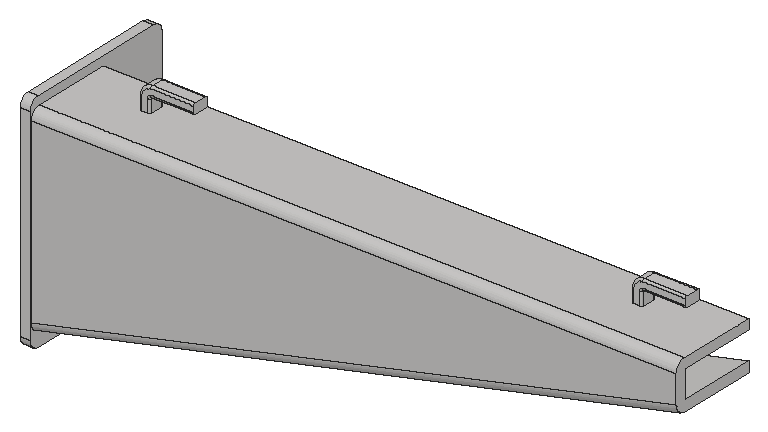
Revit family "E_Cable Tray Support_MEPcontent_OBO Bettermann_Bracket AWG FT", category Cable Tray Fittings, Revit 2015
Parameters (values of type "AWG 15 16 FT")
  Wholesaler Art. No. = ""
  Wholesaler = ""
  Watermarked By = "www.stabiplan.com"
  Width 1 = 160.00 mm
  Width = Width 1  # 160 mm
  URL = "www.stabiplan.com"
  built-in parameter 1140111 [instance] = 2.50 mm  # 0.0082021 (stored number, unit not read)
  Stabu Code = ""
  Revit Version = "2015"  # constant formula
  MEPcontent Class = "CABLE_TRAY_SUPPORT"  # constant formula
  Internal Art. No. = ""
  IFCExportType = "NOTDEFINED"  # constant formula
  IFCExportAs = "IfcCableCarrierFittingType"  # constant formula
  Function Code [instance] = ""
  Front Height = Height / 4  # 13.75 mm
  Family Version = "10.14"  # constant formula
  ETIM Article Class = "EC000022"  # constant formula
  EMCS Version = "2.0"  # constant formula
  Copyright = "© Stabiplan International BV"  # constant formula
  Content Supplier URL = ""
  CB-NL Class = ""
  Article Type = if(and(Width = 160.00 mm, Height = 55.00 mm), "AWG 15 16 FT", if(and(Width = 210.00 mm, Height = 60.00 mm), "AWG 15 21 FT", "Unknown"))  # "AWG 15 16 FT"
  Product Line = "OBO BETTERMANN CableTrays"  # constant formula
  Model = if(and(Width = 160.00 mm, Height = 55.00 mm), "AWG 15 16 FT", if(and(Width = 210.00 mm, Height = 60.00 mm), "AWG 15 21 FT", "Unknown"))  # "AWG 15 16 FT"
  Manufacturer = "OBO BETTERMANN"  # constant formula
  Custom [instance] = if(and(Width = 160.00 mm, Height = 55.00 mm), 1 = 0, if(and(Width = 210.00 mm, Height = 60.00 mm), 1 = 0, 1 = 1))  # no
  Height 1 = 55.00 mm
  Height = Height 1  # 55 mm
  GTIN = if(and(Width = 160.00 mm, Height = 55.00 mm), "4012196079155", if(and(Width = 210.00 mm, Height = 60.00 mm), "4012196662531", "Unknown"))  # "4012196079155"
  Description = "Wall Bracket"
  Depth = 40.00 mm
  Manufacturer URL = "http://catalog4.obo-bettermann.com/catalogue/catalogue.do?forward=showProductGroup&act=showIO&favOid=kts_18364&action=showManyProducts&lang=nl&OID=kts_18364&catId="
  Gray = Color RGB 189-187-185
  Manufacturer Art. No. = if(and(Width = 160.00 mm, Height = 55.00 mm), "6420607", if(and(Width = 210.00 mm, Height = 60.00 mm), "6420608", "Unknown"))  # "6420607"
  Article Description = "Wall Bracket"
Types (2, lengths in mm): name | Width 1 | Width | Front Height | Article Type | Model | Height 1 | Height | GTIN | Manufacturer Art. No.
  AWG 15 16 FT | 160.00 | 160 | 13.75 | "AWG 15 16 FT" | "AWG 15 16 FT" | 55.00 | 55 | "4012196079155" | "6420607"
  AWG 15 21 FT | 210.00 | 210 | 15.00 | "AWG 15 21 FT" | "AWG 15 21 FT" | 60.00 | 60 | "4012196662531" | "6420608"
Reference planes
  plane 1 "Center (Front/Back)": y = 0
  plane 2: z = 0
  plane 3 "Center (Left/Right)": x = 0
  plane 4: y = 20
  plane 5: y = -20
  plane 6: x = 160
  plane 7: x = 2.5
  plane 8: z = 27.5
  plane 9: z = -27.5
  plane 10: z = -23.5
  plane 11: z = 13.75
  plane 12: y = -5
  plane 13: z = 25.5
Forms (mm)
  Extrusion 1, solid, material "Color RGB 189-187-185" <- "Gray", detail levels medium+fine
    sketch origin (0, 0, 0) x (0, 1, 0) y (0, 0, 1)
      loop
        line (17.5, 27.5) -> (-17.5, 27.5)
        arc (-17.5, 27.5) -> (-19.268, 26.768) -> (-20, 25) r 2.5
        line (-20, 25) -> (-20, -25)
        arc (-20, -25) -> (-19.268, -26.768) -> (-17.5, -27.5) r 2.5
        line (-17.5, -27.5) -> (17.5, -27.5)
        arc (17.5, -27.5) -> (19.268, -26.768) -> (20, -25) r 2.5
        line (20, -25) -> (20, 25)
        arc (20, 25) -> (19.268, 26.768) -> (17.5, 27.5) r 2.5
    from 0 to 2.5
  SweptBlend 2, solid, material "Color RGB 189-187-185" <- "Gray", detail levels medium+fine
    path origin (0, 0, 0) x (1, 0, 0) y (0, 0, 1)
      loop
        line (2.5, 0) -> (160, 0)
    profile origin (2.5, 0, 0) x (0, 0, 1) y (0, -1, 0)
      loop
        line (-23.5, -2) -> (-21, -2) -> (-21, 17.5) -> (23, 17.5) -> (23, -2) -> (25.5, -2) -> (25.5, 17.5)
        arc (25.5, 17.5) -> (24.768, 19.268) -> (23, 20) r 2.5
        line (23, 20) -> (-21, 20)
        arc (-21, 20) -> (-22.768, 19.268) -> (-23.5, 17.5) r 2.5
        line (-23.5, 17.5) -> (-23.5, -2)
    end profile origin (160, 0, 0) x (0, 0, 1) y (0, -1, 0)
      loop
        line (13.75, -2) -> (16.25, -2) -> (16.25, 17.5) -> (23, 17.5) -> (23, -2) -> (25.5, -2) -> (25.5, 17.5)
        arc (25.5, 17.5) -> (24.768, 19.268) -> (23, 20) r 2.5
        line (23, 20) -> (16.25, 20)
        arc (16.25, 20) -> (14.482, 19.268) -> (13.75, 17.5) r 2.5
        line (13.75, 17.5) -> (13.75, -2)
  Sweep 3, solid, material "Color RGB 189-187-185" <- "Gray", detail levels medium+fine
    path origin (20, -5, 148.963) x (0, 0, 1) y (-1, 0, 0)
      loop
        line (-118.741, -12) -> (-118.741, -1.5)
        arc (-118.741, -1.5) -> (-119.181, -0.439) -> (-120.241, 0) r 1.5
        line (-120.241, 0) -> (-125.241, 0)
    profile origin (26.75, -5, 30.222) x (0, 0, -1) y (0, -1, 0)
      loop
        arc (-1.25, -1.5) -> (-1.104, -1.854) -> (-0.75, -2) r 0.5
        line (-0.75, -2) -> (0.75, -2)
        arc (0.75, -2) -> (1.104, -1.854) -> (1.25, -1.5) r 0.5
        line (1.25, -1.5) -> (1.25, 1.5)
        arc (1.25, 1.5) -> (1.104, 1.854) -> (0.75, 2) r 0.5
        line (0.75, 2) -> (-0.75, 2)
        arc (-0.75, 2) -> (-1.104, 1.854) -> (-1.25, 1.5) r 0.5
        line (-1.25, 1.5) -> (-1.25, -1.5)
  Sweep 4, solid, material "Color RGB 189-187-185" <- "Gray", detail levels medium+fine
    path origin (82.367, -5, 148.963) x (0, 0, 1) y (-1, 0, 0)
      loop
        line (-118.741, -69.633) -> (-118.741, -59.133)
        arc (-118.741, -59.133) -> (-119.181, -58.072) -> (-120.241, -57.633) r 1.5
        line (-120.241, -57.633) -> (-125.241, -57.633)
    profile origin (146.75, -5, 30.222) x (0, 0, -1) y (0, -1, 0)
      loop
        arc (-1.25, -1.5) -> (-1.104, -1.854) -> (-0.75, -2) r 0.5
        line (-0.75, -2) -> (0.75, -2)
        arc (0.75, -2) -> (1.104, -1.854) -> (1.25, -1.5) r 0.5
        line (1.25, -1.5) -> (1.25, 1.5)
        arc (1.25, 1.5) -> (1.104, 1.854) -> (0.75, 2) r 0.5
        line (0.75, 2) -> (-0.75, 2)
        arc (-0.75, 2) -> (-1.104, 1.854) -> (-1.25, 1.5) r 0.5
        line (-1.25, 1.5) -> (-1.25, -1.5)
Cuts and joins
  joined: SweptBlend 2, Sweep 3, Sweep 4
Lines and regions (mm)
  model lines, style "Fittings", detail levels coarse
    curve 1: line (0, 0, 25.5) -> (160, 0, 25.5)
    curve 2: line (0, 0, -27.5) -> (0, 0, 25.5)
Dimensions and locks
  equal spacing: plane 4, plane 1 "Center (Front/Back)", plane 5
  "Depth": plane 4 to plane 5
  "Width": plane 6 to plane 3 "Center (Left/Right)"
  locked: plane 7 to plane 3 "Center (Left/Right)" at 2.5
  "Height": plane 8 to plane 9
  equal spacing: plane 8, level, plane 9
  locked: plane 10 to plane 9 at 4
  locked: SweptBlend 2 sketch curve to plane 5 at 2.5  (x2)
  locked: SweptBlend 2 sketch curve to plane 10 at 2.5
  "Front Height": plane 8 to plane 11
  locked: SweptBlend 2 sketch curve to plane 11 at 2.5
  locked: plane 12 to plane 4 at 25
  locked: Sweep 3 sketch curve to Sweep 3 sketch curve at 12
  locked: Sweep 3 sketch curve to Sweep 3 sketch curve at 4
  locked: Sweep 3 sketch curve to Sweep 3 sketch curve at 2.5
  equal spacing: Sweep 3 sketch curve, profile plane, Sweep 3 sketch curve
  Sweep 3 sketch curve to Sweep 3 sketch curve = 4.00 mm
  Sweep 3 sketch curve to Sweep 3 sketch curve = 6.50 mm
  locked: Sweep 3 sketch curve to plane 3 "Center (Left/Right)" at 20
  locked: Sweep 4 sketch curve to Sweep 4 sketch curve at 12
  locked: Sweep 4 sketch curve to Sweep 4 sketch curve at 4
  locked: Sweep 4 sketch curve to Sweep 4 sketch curve at 2.5
  equal spacing: Sweep 4 sketch curve, profile plane, Sweep 4 sketch curve
  Sweep 4 sketch curve to Sweep 4 sketch curve = 4.00 mm
  Sweep 4 sketch curve to Sweep 4 sketch curve = 6.50 mm
  locked: plane 6 to Sweep 4 sketch curve at 20
  locked: SweptBlend 2 sketch curve to SweptBlend 2 sketch curve at 2.5  (x2)
  locked: plane 8 to SweptBlend 2 sketch curve at 2  (x2)
  plane 4 to SweptBlend 2 sketch curve to SweptBlend 2 sketch curve = 18.00 mm locked, 0.00 mm locked
  locked: plane 4 to SweptBlend 2 sketch curve at 18  (x2)
  locked: plane 8 to plane 13 at 2
  radius of Extrusion 1 sketch curve = 2.50 mm  (x4)
  radius of SweptBlend 2 sketch curve = 2.50 mm  (x4)
  radius of Sweep 3 sketch curve = 1.50 mm
  radius of Sweep 4 sketch curve = 1.50 mm
  aligned and locked: level to plane 2
  aligned and locked: plane 8 to Extrusion 1 sketch curve
  aligned and locked: Extrusion 1 sketch curve to plane 4
  aligned and locked: Extrusion 1 sketch curve to plane 9
  aligned and locked: Extrusion 1 sketch curve to plane 5
  aligned and locked: plane 7 to Extrusion 1
  aligned and locked: plane 6 to SweptBlend 2 sketch curve
  aligned and locked: plane 7 to SweptBlend 2 sketch curve
  aligned and locked: SweptBlend 2 sketch curve to plane 2
  aligned and locked: plane 10 to SweptBlend 2 sketch curve
  aligned and locked: plane 5 to SweptBlend 2 sketch curve
  aligned and locked: plane 13 to curve 2
  aligned and locked: plane 9 to curve 2
Automatic sketch dimensions
  plane 8 to Sweep 3 sketch curve = 1.222 mm
  Sweep 3 sketch curve to Sweep 3 sketch curve = 0.50 mm  (x4)
  Sweep 3 sketch curve to plane 12 = 2.00 mm
  plane 8 to Sweep 4 sketch curve = 1.222 mm
  Sweep 4 sketch curve to Sweep 4 sketch curve = 0.50 mm  (x4)
  Sweep 4 sketch curve to plane 12 = 2.00 mm
  curve 2 to plane 3 "Center (Left/Right)" = 0.00 mm
  curve 1 to plane 6 = 0.00 mm
  SweptBlend 2 sketch curve to plane 11 = 0.00 mm
  SweptBlend 2 sketch curve to SweptBlend 2 sketch curve = 0.00 mm
